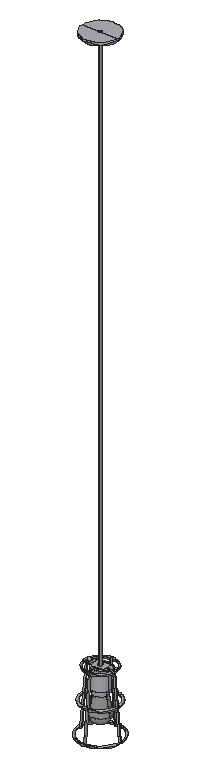
Revit family "Lighting - Lumetta - Pendant - P1035RV", category Lighting Fixtures, host Ceiling, Revit 2015
Parameters
  Wattage = 11.7117 W
  built-in parameter 1150110 = 1 (stored number, unit not read)
  URL = "https://lumetta.com/luminaires/reveal-cone-8-pendant/"
  Type Comments = "Reveal Cone 8'' Pendant "  # constant formula
  built-in parameter 1114217 = 1 (stored number, unit not read)
  built-in parameter 1150109 = 1 (stored number, unit not read)
  built-in parameter 1150134 = (empty or 0)
  Suspension [instance] = 1
  built-in parameter 1150113 = 1 (stored number, unit not read)
  Stem Hung-ALL Lamping [instance] = Suspension = 2  # no
  P1035RV URL [instance] = "https://lumetta.com/luminaires/reveal-cone-8-pendant/"
  Light Source Symbol Size = 0' - 1"
  Coupling-Stems Over 60 inches [instance] = and([Stem Hung-ALL Lamping], Fixture Drop > 5' 0")  # no
  Model = "P1035RV"  # constant formula
  Manufacturer = "Lumetta, Inc."  # constant formula
  Lumens = 1300 lm
  built-in parameter 1150115 = 1 (stored number, unit not read)
  built-in parameter 1150105 = 103.45 (stored number, unit not read)
  built-in parameter 1150137 = (empty or 0)
  built-in parameter 1150139 = (empty or 0)
  built-in parameter 1150112 = 1 (stored number, unit not read)
  built-in parameter 1150114 = 1 (stored number, unit not read)
  built-in parameter 1150132 = 1
  built-in parameter 1150102 = (empty or 0)
  built-in parameter 1150138 = (empty or 0)
  built-in parameter 1150107 = 3000 (stored number, unit not read)
  built-in parameter 1150106 = 1.0345 (stored number, unit not read)
  Frame Finish [instance] = Paint - Lumetta - F02 - PC_Chrome
  Fixture Drop [instance] = 6' - 0"
  built-in parameter 1150104 = 10.312 (stored number, unit not read)
  Dimming Lamp Color Temperature Shift = (empty or 0)
  Description = "Reveal Cone 8'' Pendant "  # constant formula
  Cord Hung-STD [instance] = Suspension = 1  # yes
  Cord Color [instance] = Cord, Black
  Color Filter = 16777215
  built-in parameter 1114218 = 1 (stored number, unit not read)
  built-in parameter 1150133 = 10 (stored number, unit not read)
Reference planes (in)
  plane 1 "Light Source Axis (F/B)": y = 0
  plane 2 "Ceiling": z = 96
  plane 3 "Light Source Axis (L/R)": x = 0
  plane 4 "Light Source Elevation": z = 21
  plane 5 "Fixture-Top": z = 24
  plane 6 "Fixture-Radius": x = 2.74609
  plane 7 "Fixture-Height": z = 16
  plane 8: y = 0
  plane 9 "Middle Ring": z = 16
Forms (in)
  Revolve 1, solid, material "Paint - Lumetta - F02 - PC_Chrome" <- "Frame Finish"
    sketch origin (0, 0, 0) x (1, 0, 0) y (0, 0, 1)
      loop
        line (0, 96) -> (0, 95.65) -> (2.125, 95.65)
        arc (2.125, 95.65) -> (2.21339, 95.68661) -> (2.25, 95.775) r 0.125
        line (2.25, 95.775) -> (2.25, 96) -> (0, 96)
      axis (0, 96) -> (0, 95.65)
    angle from 0 to 360
  Extrusion 2, solid, material "Paint - Lumetta - F02 - PC_Chrome" <- "Frame Finish", visible <- "Stem Hung-ALL Lamping"
    sketch origin (0, 0, 24) x (0, -1, 0) y (-1, 0, 0)
      loop
        circle (0, 0) r 0.25
    from 0.05815 to -72
  Revolve 3, solid, material "Paint - Lumetta - F02 - PC_Chrome" <- "Frame Finish", visible <- "Coupling-Stems Over 60 inches"
    sketch origin (0, 0, 0) x (1, 0, 0) y (0, 0, 1)
      loop
        line (0, 84.53023) -> (0, 84) -> (0.26233, 84)
        arc (0.26233, 84) -> (0.31307, 84.05074) -> (0.26233, 84.10149) r 0.05074
        arc (0.26233, 84.10149) -> (0.29304, 84.26499) -> (0.26243, 84.42851) r 0.45126
        arc (0.26243, 84.42851) -> (0.31329, 84.47937) -> (0.26243, 84.53023) r 0.05086
        line (0.26243, 84.53023) -> (0, 84.53023)
      axis (0, 84.53023) -> (0, 84)
    angle from 0 to 360
  Extrusion 4, solid, material "Cord, Black" <- "Cord Color"
    sketch origin (0, 0, 24) x (0, -1, 0) y (1, 0, 0)
      loop
        circle (0, 0) r 0.15674
    from -0.56254 to 72
  Extrusion 5, solid, material "Paint - Lumetta - F02 - PC_Chrome" <- "Frame Finish"
    sketch origin (0, 0, 24) x (0, -1, 0) y (1, 0, 0)
      loop
        circle (0, 0) r 0.26563
      loop
        circle (0, 1.375) r 0.083
      loop
        circle (0, -1.375) r 0.083
      loop
        line (-0.625, -1.1875) -> (-0.25, -1.5625) -> (0.25, -1.5625) -> (0.625, -1.1875) -> (0.625, 1.1875) -> (0.25, 1.5625) -> (-0.25, 1.5625) -> (-0.625, 1.1875) -> (-0.625, -1.1875)
    from -0.05815 to 0
  Revolve 6, solid, material "Paint - Lumetta - F02 - PC_Chrome" <- "Frame Finish", visible <- "Cord Hung-STD"
    sketch origin (0, 0, 0) x (1, 0, 0) y (0, 0, 1)
      loop
        line (0, 95.65) -> (0, 95.15) -> (0.28125, 95.15) -> (0.375, 95.65) -> (0, 95.65)
      axis (0, 95.65) -> (0, 95.15)
    angle from 0 to 360
  Revolve 7, solid, material "Paint - Lumetta - F02 - PC_Chrome" <- "Frame Finish", visible <- "Stem Hung-ALL Lamping"
    sketch origin (0, 0, 0) x (1, 0, 0) y (0, 0, 1)
      loop
        line (1.375, 95.65) -> (1.375, 95.29839)
        arc (1.375, 95.29839) -> (1.55637, 95.4395) -> (1.46418, 95.65) r 0.18711
        line (1.46418, 95.65) -> (1.375, 95.65)
      axis (1.375, 95.65) -> (1.375, 95.29839)
    angle from 0 to 360
  Revolve 8, solid, material "Paint - Lumetta - F02 - PC_Chrome" <- "Frame Finish"
    sketch origin (0, 0, 0) x (1, 0, 0) y (0, 0, 1)
      loop
        circle (1.91319, 23.89063) r 0.0885
      axis (0, 23.89063) -> (0, 23.85125)
    angle from 0 to 360
  Revolve 9, solid, material "Paint - Lumetta - F02 - PC_Chrome" <- "Frame Finish"
    sketch origin (0, 0, 0) x (1, 0, 0) y (0, 0, 1)
      loop
        circle (2.65759, 16.0885) r 0.0885
      axis (0, 16.0885) -> (0, 16.04913)
    angle from 0 to 360
  Extrusion 10, solid, material "Paint - Lumetta - F02 - PC_Chrome" <- "Frame Finish"
    sketch origin (0, 0, 24) x (0, -1, 0) y (1, 0, 0)
      loop
        circle (0, 1.375) r 0.10938
      loop
        circle (0, -1.375) r 0.10937
      loop
        arc (-0.45225, -1.88398) -> (0, -1.9375) -> (0.45225, -1.88398) r 1.9375
        line (0.45225, -1.88398) -> (0.26563, -1.1875) -> (-0.26562, -1.1875) -> (-0.45225, -1.88398)
      loop
        arc (0.45225, 1.88398) -> (0, 1.9375) -> (-0.45225, 1.88398) r 1.9375
        line (-0.45225, 1.88398) -> (-0.26562, 1.1875) -> (0.26563, 1.1875) -> (0.45225, 1.88398)
    from 0 to 0.07325
  Revolve 11, solid, material "Paint - Lumetta - F02 - PC_Chrome" <- "Frame Finish"
    sketch origin (0, 0, 6.25) x (1, 0, 0) y (0, 0, 1)
      loop
        circle (2.2755, 13.734) r 0.10938
      axis (0, 13.734) -> (0, 13.69463)
    angle from 0 to 360
  Revolve 12, solid, material "Paint - Lumetta - F02 - PC_Chrome" <- "Frame Finish"
    sketch origin (0, 0, 0) x (1, 0, 0) y (0, 0, 1)
      loop
        line (0, 23.94185) -> (0, 23.9106) -> (0.90625, 23.9106)
        arc (0.90625, 23.9106) -> (0.97254, 23.88314) -> (1, 23.81685) r 0.09375
        line (1, 23.81685) -> (1, 21.44185) -> (1.03125, 21.44185) -> (1.03125, 23.81685)
        arc (1.03125, 23.81685) -> (0.99464, 23.90523) -> (0.90625, 23.94185) r 0.125
        line (0.90625, 23.94185) -> (0, 23.94185)
      axis (0, 23.94185) -> (0, 21.44185)
    angle from 0 to 360
  Revolve 13, solid, material "Acrylic - 2447 - White"
    sketch origin (0, 0, 0) x (1, 0, 0) y (0, 0, 1)
      loop
        arc (0.48041, 21.41727) -> (0.66687, 21.10094) -> (0.77324, 20.74949) r 1.54182
        line (0.77324, 20.74949) -> (1.17086, 18.49448)
        arc (1.17086, 18.49448) -> (1.06714, 17.9859) -> (0.64416, 17.68508) r 0.70728
        arc (0.64416, 17.68508) -> (0.43163, 17.64159) -> (0.21626, 17.61551) r 2.66809
        arc (0.21626, 17.61551) -> (0.19746, 17.60723) -> (0.18786, 17.58907) r 0.03125
        arc (0.18786, 17.58907) -> (0.18007, 17.57274) -> (0.16453, 17.56346) r 0.03125
        arc (0.16453, 17.56346) -> (0.08288, 17.54831) -> (0, 17.54324) r 0.67945
        line (0, 17.54324) -> (0, 17.51199)
        arc (0, 17.51199) -> (0.0867, 17.51729) -> (0.1721, 17.53314) r 0.7107
        arc (0.1721, 17.53314) -> (0.20317, 17.55169) -> (0.21875, 17.58436) r 0.0625
        arc (0.21875, 17.58436) -> (0.43664, 17.61075) -> (0.65167, 17.65474) r 2.69934
        arc (0.65167, 17.65474) -> (1.09333, 17.96886) -> (1.20163, 18.49991) r 0.73853
        line (1.20163, 18.49991) -> (0.80401, 20.75492)
        arc (0.80401, 20.75492) -> (0.69549, 21.11349) -> (0.50526, 21.43623) r 1.57307
        arc (0.50526, 21.43623) -> (0.47231, 21.46338) -> (0.43073, 21.4731) r 0.09375
        line (0.43073, 21.4731) -> (0, 21.4731) -> (0, 21.44185) -> (0.43073, 21.44185)
        arc (0.43073, 21.44185) -> (0.45845, 21.43537) -> (0.48041, 21.41727) r 0.0625
      axis (0, 21.4731) -> (0, 17.51199)
    angle from 0 to 360
  Revolve 14, solid, material "Paint - Lumetta - F02 - PC_Chrome" <- "Frame Finish"
    sketch origin (0, 0, 0) x (1, 0, 0) y (0, 0, 1)
      loop
        arc (1.5, 24.07325) -> (1.55016, 24.27991) -> (1.375, 24.4005) r 0.1875
        line (1.375, 24.4005) -> (1.375, 24.07325) -> (1.5, 24.07325)
      axis (1.375, 24.4005) -> (1.375, 24.07325)
    angle from 0 to 360
  Revolve 15, solid, material "Paint - Lumetta - F02 - PC_Chrome" <- "Frame Finish"
    sketch origin (0, 0, 0) x (-1, 0, 0) y (0, 0, 1)
      loop
        arc (1.5, 24.07325) -> (1.55016, 24.27991) -> (1.375, 24.4005) r 0.1875
        line (1.375, 24.4005) -> (1.375, 24.07325) -> (1.5, 24.07325)
      axis (1.375, 24.4005) -> (1.375, 24.07325)
    angle from 0 to 360
  Sweep 16, solid, material "Paint - Lumetta - F02 - PC_Chrome" <- "Frame Finish"
    path origin (0, 0, 0) x (-1, 0, 0) y (0, 0, 1)
      loop
        line (-1.70638, 23.99888) -> (-2.48664, 16)
    profile origin (2.09651, 0, 19.99944) x (-0.995276, 0, -0.097085) y (0, 1, 0)
      loop
        circle (0, 0) r 0.1035
  Sweep 17, solid, material "Paint - Lumetta - F02 - PC_Chrome" <- "Frame Finish"
    path origin (0, 0, 0) x (0, -1, 0) y (0, 0, 1)
      loop
        line (-1.70638, 23.99888) -> (-2.48664, 16)
    profile origin (0, 2.09651, 19.99944) x (0, -0.995276, -0.097085) y (-1, 0, 0)
      loop
        circle (0, 0) r 0.1035
  Sweep 18, solid, material "Paint - Lumetta - F02 - PC_Chrome" <- "Frame Finish"
    path origin (0, 0, 0) x (1, 0, 0) y (0, 0, 1)
      loop
        line (-1.70638, 23.99888) -> (-2.48664, 16)
    profile origin (-2.09651, 0, 19.99944) x (0.995276, 0, -0.097085) y (0, -1, 0)
      loop
        circle (0, 0) r 0.1035
  Sweep 19, solid, material "Paint - Lumetta - F02 - PC_Chrome" <- "Frame Finish"
    path origin (0, 0, 0) x (0, 1, 0) y (0, 0, 1)
      loop
        line (-1.70638, 23.99888) -> (-2.48664, 16)
    profile origin (0, -2.09651, 19.99944) x (0, 0.995276, -0.097085) y (1, 0, 0)
      loop
        circle (0, 0) r 0.1035
  Revolve 20, solid, material "Paint - Lumetta - F02 - PC_Chrome" <- "Frame Finish", visible <- "Stem Hung-ALL Lamping"
    sketch origin (0, 0, 0) x (-1, 0, 0) y (0, 0, 1)
      loop
        line (1.375, 95.65) -> (1.375, 95.29839)
        arc (1.375, 95.29839) -> (1.55637, 95.4395) -> (1.46418, 95.65) r 0.18711
        line (1.46418, 95.65) -> (1.375, 95.65)
      axis (1.375, 95.65) -> (1.375, 95.29839)
    angle from 0 to 360
  Revolve 21, solid, material "Paint - Lumetta - F02 - PC_Chrome" <- "Frame Finish", visible <- "Stem Hung-ALL Lamping"
    sketch origin (0, 0, 0) x (1, 0, 0) y (0, 0, 1)
      loop
        arc (0.345, 95.48) -> (0.33036, 95.51536) -> (0.295, 95.53) r 0.05
        line (0.295, 95.53) -> (0.165, 95.53) -> (0.165, 95.58354) -> (0.22, 95.65) -> (0, 95.65) -> (0, 94.41) -> (0.3, 94.41) -> (0.3, 94.86) -> (0.345, 95.1625) -> (0.345, 95.48)
      axis (0, 95.65) -> (0, 94.41)
    angle from 0 to 360
Dimensions and locks (in)
  equal spacing: host sketch curve, plane 3 "Light Source Axis (L/R)", host sketch curve
  equal spacing: host sketch curve, plane 1 "Light Source Axis (F/B)", host sketch curve
  host sketch curve to host sketch curve = 10' - 0"  (x2)
  "Fixture Drop": plane 2 "Ceiling" to plane 5 "Fixture-Top"
  plane 5 "Fixture-Top" to plane 4 "Light Source Elevation" = 0' - 3"
  locked: plane 6 "Fixture-Radius" to plane 3 "Light Source Axis (L/R)" at 2.74609
  locked: plane 5 "Fixture-Top" to plane 7 "Fixture-Height" at 8
  locked: Extrusion 2 sketch curve to imposter light
  locked: Extrusion 2 sketch curve to imposter light at 0
  Revolve 3 sketch curve to Revolve 3 sketch curve = 0' - 0.15822"
  locked: Revolve 3 sketch curve to Revolve 3 sketch curve at 0.53023
  locked: Revolve 3 sketch curve to Revolve 3 sketch curve at 0.26243
  locked: Revolve 3 sketch curve to Revolve 3 sketch curve at 0.26233
  locked: Revolve 3 sketch curve to Revolve 3 sketch curve at 0.05074
  locked: Revolve 3 sketch curve to Revolve 3 sketch curve at 0.47937
  locked: Revolve 3 sketch curve to Revolve 3 sketch curve at 0.26512
  locked: Revolve 1 to Revolve 6 sketch curve at 0.5
  plane 6 "Fixture-Radius" to Revolve 8 sketch curve = 0' - 0.8329"
  locked: Extrusion 10 to plane 5 "Fixture-Top" at 0.07325
  locked: plane 5 "Fixture-Top" to Extrusion 5 at 0.05815
  locked: plane 2 "Ceiling" to Revolve 1 sketch curve at 0.35
  locked: Revolve 1 sketch curve to plane 2 "Ceiling"
  locked: Revolve 1 sketch curve to plane 3 "Light Source Axis (L/R)" at 2.25
  locked: plane 2 "Ceiling" to Revolve 6 sketch curve at 0.35
  locked: plane 6 "Fixture-Radius" to Revolve 9 sketch curve at 0.0885
  locked: plane 5 "Fixture-Top" to plane 9 "Middle Ring" at 8
  locked: Revolve 11 sketch curve to plane 9 "Middle Ring" at 3.984
  locked: Revolve 12 sketch curve to plane 3 "Light Source Axis (L/R)" at 0
  locked: plane 3 "Light Source Axis (L/R)" to Revolve 12 sketch curve at 1.03125
  locked: Revolve 12 sketch curve to Revolve 12 sketch curve at 0.03125  (x2)
  locked: Extrusion 5 to Revolve 12 sketch curve at 0
  Revolve 12 sketch curve to Revolve 12 sketch curve = 0' - 2 1/2"
  locked: plane 3 "Light Source Axis (L/R)" to Revolve 14 sketch curve at 1.375  (x2)
  locked: Revolve 14 sketch curve to Revolve 14 sketch curve at 0.13975
  Revolve 14 sketch curve to Extrusion 10 = 0' - 0"
  locked: Revolve 15 sketch curve to Revolve 15 sketch curve at 0.13975
  locked: Revolve 15 sketch curve to Extrusion 10 at 0
  locked: Revolve 15 sketch curve to plane 3 "Light Source Axis (L/R)" at 1.375  (x2)
  locked: Revolve 9 sketch curve to plane 7 "Fixture-Height" at 0.0885
  locked: plane 5 "Fixture-Top" to Revolve 8 sketch curve at 0.10937
  locked: Revolve 3 sketch curve to plane 5 "Fixture-Top" at 60
  locked: Revolve 11 sketch curve to Revolve 11 sketch curve at 2.2755
  locked: Sweep 16 sketch curve to plane 3 "Light Source Axis (L/R)" at 1.70638
  locked: plane 6 "Fixture-Radius" to Sweep 16 sketch curve at 0.25945
  locked: Extrusion 10 sketch curve to Extrusion 10 sketch curve at 2.75
  locked: imposter light to Extrusion 10 sketch curve at 1.375
  locked: plane 3 "Light Source Axis (L/R)" to Revolve 7 sketch curve at 1.375
  Revolve 7 sketch curve to Revolve 7 sketch curve = 0' - 0"
  locked: plane 2 "Ceiling" to Revolve 7 sketch curve at 0.35
  Revolve 20 sketch curve to Revolve 20 sketch curve = 0' - 0"
  locked: plane 3 "Light Source Axis (L/R)" to Revolve 21 sketch curve at 0
  locked: plane 2 "Ceiling" to Revolve 21 sketch curve at 0.35
  locked: Revolve 21 sketch curve to Revolve 21 sketch curve at 1.24
  locked: Revolve 21 sketch curve to Revolve 21 sketch curve at 0.345
  aligned and locked: plane 3 "Light Source Axis (L/R)" to imposter light
  aligned and locked: plane 1 "Light Source Axis (F/B)" to imposter light
  aligned and locked: plane 4 "Light Source Elevation" to imposter light
  aligned and locked: Revolve 3 sketch curve to Revolve 3 sketch curve  (x2)
  aligned and locked: host ceiling to Extrusion 2
  aligned and locked: host ceiling to Extrusion 4
  aligned and locked: Extrusion 5 to Extrusion 2
  aligned and locked: Revolve 9 sketch curve to plane 3 "Light Source Axis (L/R)"
  aligned and locked: plane 5 "Fixture-Top" to Extrusion 10
  aligned and locked: Extrusion 5 to plane 5 "Fixture-Top"
  aligned and locked: plane 3 "Light Source Axis (L/R)" to Revolve 12 sketch curve
  aligned and locked: Revolve 13 sketch curve to plane 3 "Light Source Axis (L/R)"
Automatic sketch dimensions
  Revolve 1 sketch curve to plane 3 "Light Source Axis (L/R)" = 0' - 0"  (x2)
  Revolve 1 sketch curve to Revolve 1 sketch curve = 0' - 0 1/8"
  Revolve 1 sketch curve to plane 5 "Fixture-Top" = 0' - 1 1/4"
  plane 2 "Ceiling" to Revolve 1 sketch curve = 0' - 9 3/4"
  Revolve 3 sketch curve to plane 3 "Light Source Axis (L/R)" = 0' - 0"
  Revolve 3 sketch curve to Revolve 3 sketch curve = 0' - 9.34317"
  plane 1 "Light Source Axis (F/B)" to Extrusion 4 sketch curve = 0' - 0"
  Extrusion 4 sketch curve to plane 3 "Light Source Axis (L/R)" = 0' - 0"
  plane 1 "Light Source Axis (F/B)" to Extrusion 5 sketch curve = 0' - 0"  (x3)
  Extrusion 5 sketch curve to plane 3 "Light Source Axis (L/R)" = 0' - 0"
  Extrusion 5 sketch curve to plane 1 "Light Source Axis (F/B)" = 0' - 0 1/4"  (x2)
  Extrusion 5 sketch curve to Extrusion 5 sketch curve = 0' - 0 3/8"  (x2)
  plane 1 "Light Source Axis (F/B)" to Extrusion 5 sketch curve = 0' - 0 1/4"  (x2)
  Extrusion 5 sketch curve to plane 3 "Light Source Axis (L/R)" = 0' - 1 3/16"  (x2)
  Extrusion 5 sketch curve to Extrusion 5 sketch curve = 0' - 0 3/16"  (x4)
  plane 3 "Light Source Axis (L/R)" to Extrusion 5 sketch curve = 0' - 1 3/16"  (x2)
  Revolve 6 sketch curve to plane 3 "Light Source Axis (L/R)" = 0' - 0"  (x2)
  Revolve 6 sketch curve to Revolve 6 sketch curve = 0' - 0 9/32"
  Revolve 6 sketch curve to Revolve 6 sketch curve = 0' - 0 3/8"
  Revolve 6 sketch curve to Revolve 6 sketch curve = 0' - 1 1/4"
  plane 2 "Ceiling" to Revolve 6 sketch curve = 0' - 6 11/16"
  Revolve 7 sketch curve to Revolve 7 sketch curve = 0' - 0.08918"
  Revolve 7 sketch curve to Revolve 7 sketch curve = 0' - 0.1645"
  Revolve 7 sketch curve to Revolve 7 sketch curve = 0' - 3.07839"
  plane 2 "Ceiling" to Revolve 7 sketch curve = 0' - 0.72"
  Revolve 8 sketch curve to plane 3 "Light Source Axis (L/R)" = 0' - 0"
  Revolve 8 sketch curve to plane 4 "Light Source Elevation" = 0' - 0 1/2"
  Revolve 8 sketch curve to plane 5 "Fixture-Top" = 0' - 2 1/2"
  plane 7 "Fixture-Height" to Revolve 9 sketch curve = 0' - 0 1/4"
  level to Revolve 9 sketch curve = 0' - 0 3/4"
  Extrusion 10 sketch curve to Extrusion 10 sketch curve = 0' - 0"  (x2)
  plane 1 "Light Source Axis (F/B)" to Extrusion 10 sketch curve = 0' - 0"  (x3)
  Extrusion 10 sketch curve to plane 3 "Light Source Axis (L/R)" = 0' - 0"
  Extrusion 10 sketch curve to plane 1 "Light Source Axis (F/B)" = 0' - 0 17/64"  (x2)
  Extrusion 10 sketch curve to plane 1 "Light Source Axis (F/B)" = 0' - 0.45225"  (x2)
  plane 1 "Light Source Axis (F/B)" to Extrusion 10 sketch curve = 0' - 0 17/64"  (x2)
  plane 1 "Light Source Axis (F/B)" to Extrusion 10 sketch curve = 0' - 0.45225"  (x2)
  Extrusion 10 sketch curve to Extrusion 10 sketch curve = 0' - 0.50898"  (x2)
  Extrusion 10 sketch curve to Extrusion 10 sketch curve = 0' - 0 3/16"  (x2)
  Revolve 11 sketch curve to plane 3 "Light Source Axis (L/R)" = 0' - 0"
  plane 7 "Fixture-Height" to Revolve 11 sketch curve = 0' - 1"
  Revolve 11 sketch curve to plane 4 "Light Source Elevation" = 0' - 0 1/2"
  Revolve 12 sketch curve to Revolve 12 sketch curve = 0' - 0"  (x2)
  Revolve 12 sketch curve to Revolve 12 sketch curve = 0' - 0 3/32"
  Revolve 12 sketch curve to plane 7 "Fixture-Height" = 0' - 0 5/8"
  Revolve 12 sketch curve to plane 5 "Fixture-Top" = 0' - 1 1/2"
  Revolve 13 sketch curve to Revolve 13 sketch curve = 0' - 0"  (x17)
  Revolve 13 sketch curve to plane 3 "Light Source Axis (L/R)" = 0' - 0"  (x2)
  Revolve 13 sketch curve to plane 3 "Light Source Axis (L/R)" = 0' - 0.74516"
  plane 3 "Light Source Axis (L/R)" to Revolve 13 sketch curve = 0' - 0.00349"
  plane 3 "Light Source Axis (L/R)" to Revolve 13 sketch curve = 0' - 0.15696"
  Revolve 13 sketch curve to Revolve 13 sketch curve = 0' - 0.06179"
  plane 3 "Light Source Axis (L/R)" to Revolve 13 sketch curve = 0' - 0.43073"
  plane 3 "Light Source Axis (L/R)" to Revolve 13 sketch curve = 0' - 0.47433"
  plane 4 "Light Source Elevation" to Revolve 13 sketch curve = 0' - 0.25051"
  Revolve 13 sketch curve to Revolve 13 sketch curve = 0' - 0.3425"
  plane 4 "Light Source Elevation" to Revolve 13 sketch curve = 0' - 0.24508"
  Revolve 13 sketch curve to Revolve 13 sketch curve = 0' - 0.03078"  (x2)
  Revolve 13 sketch curve to Revolve 13 sketch curve = 0' - 0.69653"
  plane 4 "Light Source Elevation" to Revolve 13 sketch curve = 0' - 0.51824"
  plane 4 "Light Source Elevation" to Revolve 13 sketch curve = 0' - 0.72489"
  Revolve 13 sketch curve to Revolve 13 sketch curve = 0' - 1.7752"
  Revolve 13 sketch curve to Revolve 13 sketch curve = 0' - 0.00543"
  Revolve 13 sketch curve to Revolve 13 sketch curve = 0' - 0.12282"
  Revolve 13 sketch curve to Revolve 13 sketch curve = 0' - 0.14898"
  Revolve 13 sketch curve to Revolve 13 sketch curve = 0' - 0.0913"
  Revolve 13 sketch curve to Revolve 13 sketch curve = 0' - 0.00941"
  Revolve 13 sketch curve to Revolve 13 sketch curve = 0' - 0.05054"
  Revolve 13 sketch curve to Revolve 13 sketch curve = 0' - 0 1/32"  (x2)
  Revolve 13 sketch curve to plane 4 "Light Source Elevation" = 0' - 0.37935"
  Revolve 13 sketch curve to Revolve 13 sketch curve = 0' - 0 1/16"
  plane 7 "Fixture-Height" to Revolve 13 sketch curve = 0' - 0.13063"
  Revolve 13 sketch curve to Revolve 13 sketch curve = 0' - 0 3/4"
  Revolve 14 sketch curve to Revolve 14 sketch curve = 0' - 0 1/8"
  plane 5 "Fixture-Top" to Revolve 14 sketch curve = 0' - 0.44618"
  Revolve 14 sketch curve to Revolve 14 sketch curve = 0' - 0.19786"
  Revolve 15 sketch curve to Revolve 15 sketch curve = 0' - 0 1/8"
  Revolve 15 sketch curve to plane 5 "Fixture-Top" = 0' - 0.44618"
  Revolve 15 sketch curve to Revolve 15 sketch curve = 0' - 0.19786"
  Sweep 16 sketch curve to plane 7 "Fixture-Height" = 0' - 0"
  plane 5 "Fixture-Top" to Sweep 16 sketch curve = 0' - 0.00112"
  Sweep 16 sketch curve to profile plane = 0' - 0"
  profile plane to Sweep 16 sketch curve = 0' - 0"
  plane 7 "Fixture-Height" to Sweep 17 sketch curve = 0' - 0"
  Sweep 17 sketch curve to plane 1 "Light Source Axis (F/B)" = 0' - 2.48664"
  plane 5 "Fixture-Top" to Sweep 17 sketch curve = 0' - 0.00112"
  Sweep 17 sketch curve to plane 1 "Light Source Axis (F/B)" = 0' - 1.70638"
  profile plane to Sweep 17 sketch curve = 0' - 0"
  Sweep 17 sketch curve to profile plane = 0' - 0"
  Sweep 18 sketch curve to plane 7 "Fixture-Height" = 0' - 0"
  Sweep 18 sketch curve to plane 3 "Light Source Axis (L/R)" = 0' - 2.48664"
  plane 5 "Fixture-Top" to Sweep 18 sketch curve = 0' - 0.00112"
  Sweep 18 sketch curve to plane 3 "Light Source Axis (L/R)" = 0' - 1.70638"
  Sweep 18 sketch curve to profile plane = 0' - 0"  (x2)
  plane 7 "Fixture-Height" to Sweep 19 sketch curve = 0' - 0"
  plane 1 "Light Source Axis (F/B)" to Sweep 19 sketch curve = 0' - 2.48664"
  plane 5 "Fixture-Top" to Sweep 19 sketch curve = 0' - 0.00112"
  plane 1 "Light Source Axis (F/B)" to Sweep 19 sketch curve = 0' - 1.70638"
  Sweep 19 sketch curve to profile plane = 0' - 0"  (x2)
  plane 2 "Ceiling" to Revolve 20 sketch curve = 0' - 0.35"
  plane 3 "Light Source Axis (L/R)" to Revolve 20 sketch curve = 0' - 1 3/8"
  Revolve 20 sketch curve to Revolve 20 sketch curve = 0' - 0.08918"
  Revolve 20 sketch curve to Revolve 20 sketch curve = 0' - 0.1645"
  Revolve 20 sketch curve to Revolve 20 sketch curve = 0' - 3.07839"
  Revolve 20 sketch curve to plane 2 "Ceiling" = 0' - 0.72"
  Revolve 21 sketch curve to plane 3 "Light Source Axis (L/R)" = 0' - 0"
  plane 3 "Light Source Axis (L/R)" to Revolve 21 sketch curve = 0' - 0.165"
  Revolve 21 sketch curve to Revolve 21 sketch curve = 0' - 0.055"
  Revolve 21 sketch curve to Revolve 21 sketch curve = 0' - 0.05"
  plane 3 "Light Source Axis (L/R)" to Revolve 21 sketch curve = 0' - 0.3"
  Revolve 21 sketch curve to Revolve 21 sketch curve = 0' - 0.45"
  Revolve 21 sketch curve to Revolve 21 sketch curve = 0' - 0.3025"
  Revolve 21 sketch curve to Revolve 21 sketch curve = 0' - 0.17"
  Revolve 21 sketch curve to Revolve 21 sketch curve = 0' - 0.05354"
  Revolve 21 sketch curve to Revolve 21 sketch curve = 0' - 3.51"
  plane 2 "Ceiling" to Revolve 21 sketch curve = 0' - 8.9"
  radius of Extrusion 2 sketch curve = 0' - 0 1/4"
  radius of Extrusion 4 sketch curve = 0' - 0.15674"
  radius of Extrusion 5 sketch curve = 0' - 0 17/64"
  radius of Extrusion 5 sketch curve = 0' - 0.083"  (x2)
  radius of Revolve 8 sketch curve = 0' - 0.0885"
  radius of Revolve 9 sketch curve = 0' - 0.0885"
  radius of Extrusion 10 sketch curve = 0' - 0 7/64"  (x2)
  radius of Revolve 11 sketch curve = 0' - 0 7/64"
  radius of Sweep 16 sketch curve = 0' - 0.1035"
  radius of Sweep 17 sketch curve = 0' - 0.1035"
  radius of Sweep 18 sketch curve = 0' - 0.1035"
  radius of Sweep 19 sketch curve = 0' - 0.1035"
